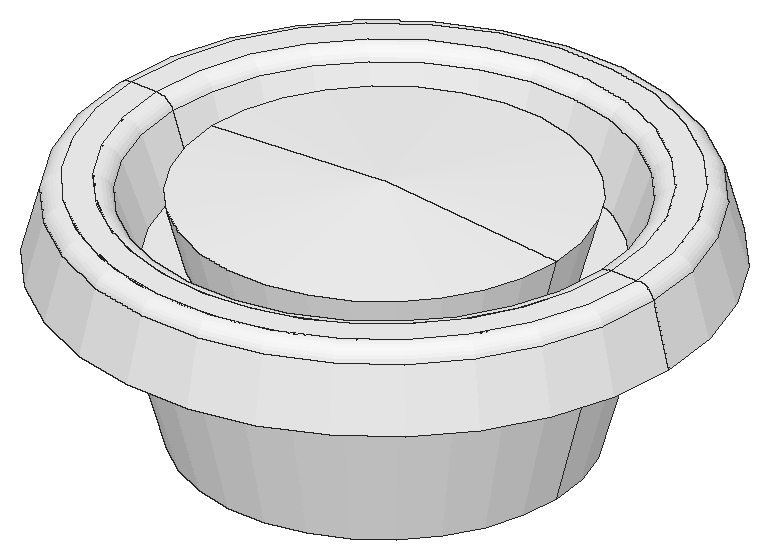
Revit family "CADS_AIRFLOWdev_Airvalve_MetalAdjustable125mm_Extract", category Air Terminals, host Face, Revit 2015
Parameters (values of type "CADS_AIRFLOWdev_Airvalve_MetalAdjustable125mm_Extract")
  WeeklyMaintenance = "N/A"
  WarrantyStartDate [instance] = "1900-12-31T23:59:193"
  WarrantyPeriod = "0"
  WarrantyIdentifier = "N/A"
  WarrantyGuarantorParts = "info@airflow.com"
  WarrantyGuarantorLabor = "info@airflow.com"
  WarrantyGuarantor = "Airflow Developments Ltd"
  WarrantyEndDate [instance] = "1900-12-31T23:59:193"
  WarrantyContent = "N/A"
  Uniclass2015 = "Pr_65_70_46_07"
  TemperatureRange = "up to 72°C"
  TagNumber [instance] = "N/A"
  SustainabilityPerformance = "N/A"
  Status = "New"
  Size = "65 x 160 x 160"
  ShippingWeight = 0.30 kg
  Shape = "Round"
  ServiceLifeType = "EXPECTEDSERVICELIFE"
  ServiceLifeDuration = "10"
  SerialNumber [instance] = "N/A"
  SAPApproval = yes
  RunID = "0"  # constant formula
  ReplacementCost = "27.972"
  RedDotDesignAward = no
  QuarterlyMaintenance = "N/A"
  Quantity = 1
  ProductionYear = "2017"
  ProductLiterature = "https://www.airflow.com/pdf/Accessories.pdf#page=13"
  PointOfContact = "Airflow Developments Ltd"
  PassiveHouseApproval = no
  NominalWidth = 160 mm
  NominalLength = 160 mm
  NominalHeight = 65 mm
  NBSCode = "90-75-50/370 Air terminals;"
  MonthlyMaintenance = "N/A"
  ModelReference [instance] = "9041172"
  ModelLabel [instance] = "Metal Adjustable Air Valve Extract"
  Material = "Steel"
  ManufacturerWebsite = "www.airflow.com"
  ManufacturerTelephone = "01494 525252"
  ManufacturerE-Mail = "info@airflow.com"
  ManufacturerAddress = "Aidelle House\nLancaster Road\nCressex Business Park\nHigh Wycombe\nBucks\nHP123QP"
  Manufacturer = "Airflow Developments Ltd"
  MaintenanceRequired8001to12000hrs = "N/A"
  MaintenanceRequired601to1000hrs = "N/A"
  MaintenanceRequired4001to8000hrs = "N/A"
  MaintenanceRequired301to600hrs = "N/A"
  MaintenanceRequired2001to4000hrs = "N/A"
  MaintenanceRequired1001to2000hrs = "N/A"
  MaintenanceRequired0to300hrs = "N/A"
  IsExtendedWarranty = no
  InstallationDate [instance] = "1900-12-31T23:59:193"
  ISO90001 = yes
  ISO140001 = yes
  GrossWeight = 0.25 kg
  Grade = "Virgin"
  GlobalTradeItemNumber [instance] = "5019009306063"
  Flow [instance] = 0.0 L/s
  Fitting Type = "Ignore"
  FireControlPanelLinks = no
  Finish = "Zinc powder coated"
  Features = "Metal Adjustable Air Valve Extract"
  ExpectedServiceLife = 10
  Exclusions = "N/A"
  DurationUnit = "Year"
  DuctDiameter = 125 mm  # constant formula
  Default Elevation = 1219.2 mm
  DailyMaintenance = "N/A"
  Constituents = "Metal Adjustable Air Valve Extract"
  Color = "White"
  CodePerformance = "N/A"
  CEApproval = yes
  CADS_Index = 0
  BespokeTimeFrameMaintenance = "N/A"
  B1 = 20 mm
  B = if(DuctDiameter = 100 mm, 60 mm, if(DuctDiameter = 125 mm, 65 mm, if(DuctDiameter = 150 mm, 55 mm, 80 mm)))  # 65 mm
  AssetType = "FIXED"
  AssetIdentifier [instance] = "N/A"
  AssemblyPlace = "UNKNOWN"
  ArticleNumber [instance] = "N/A"
  AnnualMaintenance = "N/A"
  AccessibilityPerformance = "N/A"
  A1 = DuctDiameter - 25 mm  # 100 mm
  A = if(DuctDiameter = 100 mm, 140 mm, if(DuctDiameter = 125 mm, 165 mm, if(DuctDiameter = 150 mm, 185 mm, 245 mm)))  # 165 mm
  6MonthlyMaintenance = "Visually inspect system, clean the fan and ducting if necessary"
Types (2, lengths in mm): name | RedDotDesignAward | PassiveHouseApproval | NominalWidth | NominalLength | NominalHeight | IsExtendedWarranty | FireControlPanelLinks
  (no name) | yes | yes | 0 | 0 | 0 | yes | yes
  CADS_AIRFLOWdev_Airvalve_MetalAdjustable125mm_Extract | no | no | 160 | 160 | 65 | no | no
Values of the unnamed type that differ from the named types
  WeeklyMaintenance = ""
  WarrantyStartDate = ""
  WarrantyPeriod = ""
  WarrantyIdentifier = ""
  WarrantyGuarantorParts = ""
  WarrantyGuarantorLabor = ""
  WarrantyGuarantor = ""
  WarrantyEndDate = ""
  WarrantyContent = ""
  Uniclass2015 = ""
  TemperatureRange = ""
  TagNumber = ""
  SustainabilityPerformance = ""
  Status = ""
  Size = ""
  ShippingWeight = 0.00 kg
  Shape = ""
  ServiceLifeType = ""
  ServiceLifeDuration = ""
  SerialNumber = ""
  ReplacementCost = ""
  QuarterlyMaintenance = ""
  Quantity = 0
  ProductionYear = ""
  ProductLiterature = ""
  PointOfContact = ""
  NBSCode = ""
  MonthlyMaintenance = ""
  ModelReference = ""
  ModelLabel = ""
  Material = ""
  ManufacturerWebsite = ""
  ManufacturerTelephone = ""
  ManufacturerE-Mail = ""
  ManufacturerAddress = ""
  MaintenanceRequired8001to12000hrs = ""
  MaintenanceRequired601to1000hrs = ""
  MaintenanceRequired4001to8000hrs = ""
  MaintenanceRequired301to600hrs = ""
  MaintenanceRequired2001to4000hrs = ""
  MaintenanceRequired1001to2000hrs = ""
  MaintenanceRequired0to300hrs = ""
  InstallationDate = ""
  GrossWeight = 0.00 kg
  Grade = ""
  GlobalTradeItemNumber = ""
  Fitting Type = ""
  Finish = ""
  Features = ""
  ExpectedServiceLife = 0
  Exclusions = ""
  DurationUnit = ""
  DailyMaintenance = ""
  Constituents = ""
  Color = ""
  CodePerformance = ""
  BespokeTimeFrameMaintenance = ""
  AssetType = ""
  AssetIdentifier = ""
  AssemblyPlace = ""
  ArticleNumber = ""
  AnnualMaintenance = ""
  AccessibilityPerformance = ""
  6MonthlyMaintenance = ""
Reference planes
  plane 1 "Center (Front/Back)": y = 0
  plane 2: z = 0
  plane 3 "Center (Left/Right)": x = 0
  plane 4: x = -82.5
  plane 5: x = 82.5
  plane 6: z = 20
  plane 7: x = -50
  plane 8: x = 50
  plane 9: z = -45
  plane 10: x = -62.5
  plane 11: x = 62.5
Forms (mm)
  Extrusion 1, void
    sketch origin (0, 0, 0) x (1, 0, 0) y (0, 1, 0)
      loop
        circle (0, 0) r 62.5
    from 0 to -100
  Revolve 2, solid, material "CADS_AirFlow_White"
    sketch origin (0, 0, 0) x (1, 0, 0) y (0, 0, 1)
      loop
        line (-82.5, 0) -> (-62.5, 0) -> (-50, -45) -> (0, -45) -> (0, 20)
        arc (0, 20) -> (-25.054, 19.179) -> (-50, 16.718) r 382.518
        line (-50, 16.718) -> (-45.356, 0) -> (-55.356, 0) -> (-61.315, 16.682)
        arc (-61.315, 16.682) -> (-63.143, 19.087) -> (-66.023, 20) r 5
        line (-66.023, 20) -> (-73.304, 20)
        arc (-73.304, 20) -> (-76.348, 18.967) -> (-78.134, 16.294) r 5
        line (-78.134, 16.294) -> (-82.5, 0)
      axis (0, 20) -> (0, -45)
    angle from 0 to 360
Dimensions and locks
  equal spacing: plane 8, plane 3 "Center (Left/Right)", plane 7
  equal spacing: plane 5, plane 3 "Center (Left/Right)", plane 4
  "A": plane 5 to plane 4
  "A1": plane 8 to plane 7
  "B1": plane 6 to plane 2
  "B": plane 6 to plane 9
  equal spacing: plane 11, plane 3 "Center (Left/Right)", plane 10
  "DuctDiameter": plane 11 to plane 10
  "DuctDiameter": diameter of Extrusion 1 sketch curve
  aligned and locked: plane 2 to host face
  aligned and locked: level to host face
  aligned and locked: Revolve 2 sketch curve to plane 6
  aligned and locked: Revolve 2 sketch curve to plane 3 "Center (Left/Right)"
Automatic sketch dimensions
  host sketch curve to host sketch curve = 2438.4 mm  (x2)
  Revolve 2 sketch curve to level = 0 mm  (x2)
  Revolve 2 sketch curve to plane 4 = 0 mm
  Revolve 2 sketch curve to plane 10 = 0 mm
  Revolve 2 sketch curve to plane 7 = 0 mm  (x2)
  Revolve 2 sketch curve to plane 3 "Center (Left/Right)" = 0 mm
  Revolve 2 sketch curve to plane 9 = 0 mm
  Revolve 2 sketch curve to plane 6 = 0 mm
  plane 4 to Revolve 2 sketch curve = 4.366 mm
  Revolve 2 sketch curve to Revolve 2 sketch curve = 4.83 mm
  Revolve 2 sketch curve to plane 10 = 3.523 mm
  plane 10 to Revolve 2 sketch curve = 1.185 mm
  Revolve 2 sketch curve to plane 7 = 5.356 mm
  plane 7 to Revolve 2 sketch curve = 4.644 mm
  Revolve 2 sketch curve to plane 9 = 317.518 mm
  Revolve 2 sketch curve to Revolve 2 sketch curve = 5 mm  (x2)
  Revolve 2 sketch curve to Revolve 2 sketch curve = 247.082 mm
  Revolve 2 sketch curve to Revolve 2 sketch curve = 2589.058 mm
  plane 1 "Center (Front/Back)" to Extrusion 1 sketch curve = 0 mm
  Extrusion 1 sketch curve to plane 3 "Center (Left/Right)" = 0 mm
Connectors
  hvac at (0, 0, 0), driven by "DuctDiameter", driven by "Flow"
    settings: on Revolve 2, index 1, duct flow 0.0 L/s, flow factor 0, pres drop 0.0 Pa, loss coef 0, conn angle 0.00°, conn width 304.8 mm, conn height 304.8 mm, conn diameter 125 mm, duct sys type 2, conn prof type 0, flow config 1, flow direction 2, loss method 0, conn ref index -1, conn util no, is conn primary yes, conn desc ""
